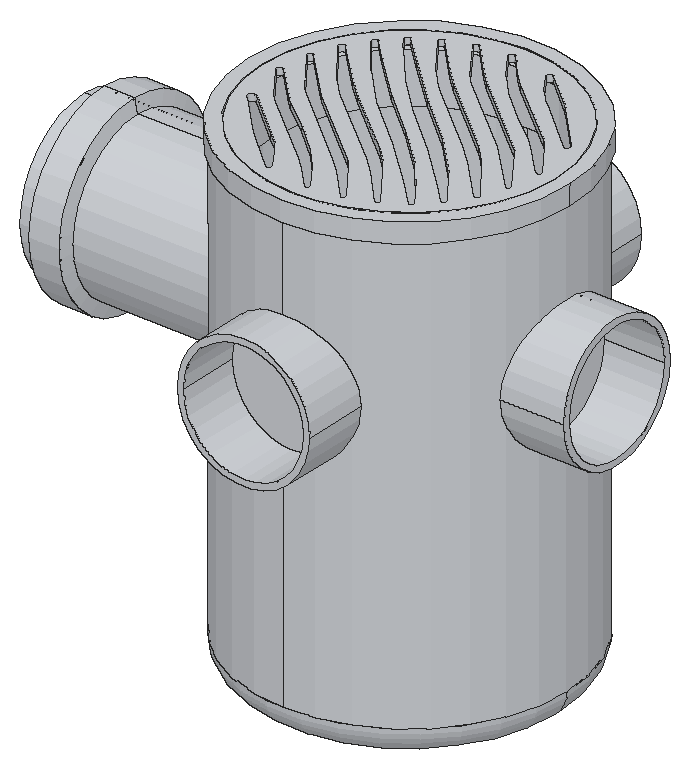
Revit family "Cx_Sifonada_100x150x50", category Plumbing Fixtures, host Face, Revit 2025 (continued)
Automatic sketch dimensions
  Extrusion 11 sketch curve to Extrusion 11 sketch curve = 5.071 mm  (x2)
  Extrusion 11 sketch curve to Extrusion 11 sketch curve = 7.498 mm  (x2)
  Extrusion 11 sketch curve to Extrusion 11 sketch curve = 2.231 mm
  Extrusion 11 sketch curve to Extrusion 11 sketch curve = 2.515 mm  (x2)
  Extrusion 11 sketch curve to Extrusion 11 sketch curve = 0.565 mm  (x2)
  Extrusion 11 sketch curve to Extrusion 11 sketch curve = 5.226 mm  (x2)
  Extrusion 11 sketch curve to Extrusion 11 sketch curve = 2.545 mm  (x2)
  Extrusion 11 sketch curve to Extrusion 11 sketch curve = 1.21 mm  (x2)
  Extrusion 11 sketch curve to plane 1 "Center (Front/Back)" = 7.515 mm
  Extrusion 11 sketch curve to Extrusion 11 sketch curve = 1.934 mm  (x2)
  Extrusion 11 sketch curve to Extrusion 11 sketch curve = 3.641 mm  (x2)
  Extrusion 11 sketch curve to plane 1 "Center (Front/Back)" = 4.594 mm
  Extrusion 11 sketch curve to plane 3 "Center (Left/Right)" = 2.394 mm
  Extrusion 11 sketch curve to plane 1 "Center (Front/Back)" = 4.455 mm
  Extrusion 11 sketch curve to Extrusion 11 sketch curve = 1.893 mm  (x2)
  Extrusion 11 sketch curve to plane 1 "Center (Front/Back)" = 3.468 mm
  Extrusion 11 sketch curve to plane 1 "Center (Front/Back)" = 3.154 mm
  Extrusion 11 sketch curve to plane 1 "Center (Front/Back)" = 2.444 mm
  Extrusion 11 sketch curve to plane 1 "Center (Front/Back)" = 2.421 mm
  Extrusion 11 sketch curve to plane 1 "Center (Front/Back)" = 1.747 mm
  Extrusion 11 sketch curve to plane 1 "Center (Front/Back)" = 1.745 mm
  Extrusion 11 sketch curve to plane 1 "Center (Front/Back)" = 0.953 mm
  Extrusion 11 sketch curve to plane 1 "Center (Front/Back)" = 0.562 mm
  Extrusion 11 sketch curve to plane 1 "Center (Front/Back)" = 0.375 mm
  Extrusion 11 sketch curve to plane 1 "Center (Front/Back)" = 0.24 mm
  plane 1 "Center (Front/Back)" to Extrusion 11 sketch curve = 0.24 mm
  plane 1 "Center (Front/Back)" to Extrusion 11 sketch curve = 0.375 mm
  plane 1 "Center (Front/Back)" to Extrusion 11 sketch curve = 0.562 mm
  plane 1 "Center (Front/Back)" to Extrusion 11 sketch curve = 0.953 mm
  plane 1 "Center (Front/Back)" to Extrusion 11 sketch curve = 1.745 mm
  plane 1 "Center (Front/Back)" to Extrusion 11 sketch curve = 1.747 mm
  Extrusion 11 sketch curve to Extrusion 11 sketch curve = 1.859 mm
  plane 1 "Center (Front/Back)" to Extrusion 11 sketch curve = 2.444 mm
  plane 1 "Center (Front/Back)" to Extrusion 11 sketch curve = 3.154 mm
  Extrusion 11 sketch curve to Extrusion 11 sketch curve = 1.723 mm
  plane 1 "Center (Front/Back)" to Extrusion 11 sketch curve = 3.601 mm
  plane 1 "Center (Front/Back)" to Extrusion 11 sketch curve = 4.455 mm
  plane 1 "Center (Front/Back)" to Extrusion 11 sketch curve = 4.594 mm
  plane 1 "Center (Front/Back)" to Extrusion 11 sketch curve = 5.581 mm
  Extrusion 11 sketch curve to Extrusion 11 sketch curve = 6.146 mm
  Extrusion 11 sketch curve to Extrusion 11 sketch curve = 9.597 mm
  Extrusion 11 sketch curve to Extrusion 11 sketch curve = 2.261 mm  (x2)
  plane 3 "Center (Left/Right)" to Extrusion 11 sketch curve = 3.453 mm
  Extrusion 11 sketch curve to Extrusion 11 sketch curve = 7.401 mm
  Extrusion 11 sketch curve to Extrusion 11 sketch curve = 2.972 mm
  Extrusion 11 sketch curve to Extrusion 11 sketch curve = 7.628 mm
  Extrusion 11 sketch curve to Extrusion 11 sketch curve = 7.456 mm
  Extrusion 11 sketch curve to Extrusion 11 sketch curve = 3.032 mm
  plane 3 "Center (Left/Right)" to Extrusion 11 sketch curve = 0.007 mm
  Extrusion 11 sketch curve to Extrusion 11 sketch curve = 0.488 mm
  Extrusion 11 sketch curve to plane 3 "Center (Left/Right)" = 3.101 mm
  Extrusion 11 sketch curve to Extrusion 11 sketch curve = 2.756 mm
  Extrusion 11 sketch curve to Extrusion 11 sketch curve = 0.836 mm
  plane 3 "Center (Left/Right)" to Extrusion 11 sketch curve = 2.701 mm
  Extrusion 11 sketch curve to Extrusion 11 sketch curve = 1.593 mm
  plane 3 "Center (Left/Right)" to Extrusion 11 sketch curve = 1.35 mm
  Extrusion 11 sketch curve to plane 3 "Center (Left/Right)" = 17.095 mm
  Extrusion 11 sketch curve to Extrusion 11 sketch curve = 1.431 mm
  plane 3 "Center (Left/Right)" to Extrusion 11 sketch curve = 19.405 mm
  plane 3 "Center (Left/Right)" to Extrusion 11 sketch curve = 12.072 mm
  plane 3 "Center (Left/Right)" to Extrusion 11 sketch curve = 10.653 mm
  plane 3 "Center (Left/Right)" to Extrusion 11 sketch curve = 1.499 mm
  plane 3 "Center (Left/Right)" to Extrusion 11 sketch curve = 0.716 mm
  plane 3 "Center (Left/Right)" to Extrusion 11 sketch curve = 0.012 mm
  Extrusion 11 sketch curve to Extrusion 11 sketch curve = 18.882 mm
  Extrusion 11 sketch curve to Extrusion 11 sketch curve = 1.974 mm
  Extrusion 11 sketch curve to Extrusion 11 sketch curve = 1.743 mm
  Extrusion 11 sketch curve to Extrusion 11 sketch curve = 53.478 mm
  Extrusion 11 sketch curve to Extrusion 11 sketch curve = 127.934 mm
  Extrusion 11 sketch curve to Extrusion 11 sketch curve = 82.855 mm
  Extrusion 11 sketch curve to Extrusion 11 sketch curve = 34.462 mm
  Extrusion 11 sketch curve to Extrusion 11 sketch curve = 0.268 mm
  Extrusion 11 sketch curve to Extrusion 11 sketch curve = 35.178 mm
  Extrusion 11 sketch curve to Extrusion 11 sketch curve = 0.325 mm
  Extrusion 11 sketch curve to Extrusion 11 sketch curve = 23.673 mm
  Extrusion 11 sketch curve to Extrusion 11 sketch curve = 0.823 mm
  Extrusion 11 sketch curve to Extrusion 11 sketch curve = 0.012 mm  (x2)
  Extrusion 11 sketch curve to Extrusion 11 sketch curve = 0.756 mm
  Extrusion 11 sketch curve to Extrusion 11 sketch curve = 3.003 mm
  Extrusion 11 sketch curve to Extrusion 11 sketch curve = 4.827 mm
  Extrusion 11 sketch curve to Extrusion 11 sketch curve = 1.906 mm  (x2)
  Extrusion 11 sketch curve to Extrusion 11 sketch curve = 0.843 mm
  Extrusion 11 sketch curve to Extrusion 11 sketch curve = 1.424 mm
  Extrusion 11 sketch curve to Extrusion 11 sketch curve = 3.414 mm
  Extrusion 11 sketch curve to Extrusion 11 sketch curve = 3.509 mm  (x2)
  Extrusion 11 sketch curve to Extrusion 11 sketch curve = 2.376 mm
  Extrusion 11 sketch curve to Extrusion 11 sketch curve = 0.783 mm
  Extrusion 11 sketch curve to Extrusion 11 sketch curve = 2.211 mm
  Extrusion 11 sketch curve to Extrusion 11 sketch curve = 3.072 mm
  Extrusion 11 sketch curve to Extrusion 11 sketch curve = 0.838 mm
  Extrusion 11 sketch curve to Extrusion 11 sketch curve = 9.255 mm
  Extrusion 11 sketch curve to Extrusion 11 sketch curve = 1.789 mm
  Extrusion 11 sketch curve to Extrusion 11 sketch curve = 2.826 mm
  Extrusion 11 sketch curve to Extrusion 11 sketch curve = 5.511 mm
  Extrusion 11 sketch curve to Extrusion 11 sketch curve = 5.579 mm
  Extrusion 11 sketch curve to Extrusion 11 sketch curve = 4.311 mm  (x2)
  Extrusion 11 sketch curve to Extrusion 11 sketch curve = 4.189 mm
  Extrusion 11 sketch curve to Extrusion 11 sketch curve = 3.575 mm
  Extrusion 11 sketch curve to Extrusion 11 sketch curve = 0.766 mm
  Extrusion 11 sketch curve to Extrusion 11 sketch curve = 5.526 mm
  Extrusion 11 sketch curve to Extrusion 11 sketch curve = 1.848 mm
  Extrusion 11 sketch curve to Extrusion 11 sketch curve = 1.872 mm  (x2)
  Extrusion 11 sketch curve to Extrusion 11 sketch curve = 2.523 mm
  Extrusion 11 sketch curve to Extrusion 11 sketch curve = 2.048 mm
  Extrusion 11 sketch curve to Extrusion 11 sketch curve = 3.624 mm
  Extrusion 11 sketch curve to Extrusion 11 sketch curve = 1.291 mm  (x2)
  Extrusion 11 sketch curve to Extrusion 11 sketch curve = 6.114 mm
  Extrusion 11 sketch curve to Extrusion 11 sketch curve = 0.705 mm
  Extrusion 11 sketch curve to Extrusion 11 sketch curve = 4.23 mm
  Extrusion 11 sketch curve to Extrusion 11 sketch curve = 7.599 mm
  Extrusion 11 sketch curve to Extrusion 11 sketch curve = 4.028 mm
  Extrusion 11 sketch curve to Extrusion 11 sketch curve = 0.682 mm
  Extrusion 11 sketch curve to Extrusion 11 sketch curve = 5.741 mm  (x2)
  Extrusion 11 sketch curve to Extrusion 11 sketch curve = 0.63 mm  (x2)
  Extrusion 11 sketch curve to Extrusion 11 sketch curve = 0.745 mm
  Extrusion 11 sketch curve to Extrusion 11 sketch curve = 2.732 mm
  Extrusion 11 sketch curve to Extrusion 11 sketch curve = 0.182 mm
  Extrusion 11 sketch curve to plane 3 "Center (Left/Right)" = 5.67 mm
  Extrusion 11 sketch curve to Extrusion 11 sketch curve = 0.539 mm
  Extrusion 11 sketch curve to plane 3 "Center (Left/Right)" = 3.516 mm
  Extrusion 11 sketch curve to plane 3 "Center (Left/Right)" = 1.499 mm
  plane 3 "Center (Left/Right)" to Extrusion 11 sketch curve = 2.394 mm
  plane 3 "Center (Left/Right)" to Extrusion 11 sketch curve = 3.025 mm
  plane 3 "Center (Left/Right)" to Extrusion 11 sketch curve = 3.516 mm
  Extrusion 11 sketch curve to Extrusion 11 sketch curve = 7.211 mm
  Extrusion 11 sketch curve to Extrusion 11 sketch curve = 1.885 mm
  Extrusion 11 sketch curve to Extrusion 11 sketch curve = 2.495 mm
  Extrusion 11 sketch curve to Extrusion 11 sketch curve = 0.384 mm
  Extrusion 11 sketch curve to Extrusion 11 sketch curve = 0.851 mm
  Extrusion 11 sketch curve to Extrusion 11 sketch curve = 0.644 mm
  Extrusion 11 sketch curve to Extrusion 11 sketch curve = 3.877 mm
  Extrusion 11 sketch curve to Extrusion 11 sketch curve = 0.353 mm
  Extrusion 11 sketch curve to Extrusion 11 sketch curve = 2.341 mm
  Extrusion 11 sketch curve to Extrusion 11 sketch curve = 1.081 mm
  Extrusion 11 sketch curve to Extrusion 11 sketch curve = 3.779 mm
  Extrusion 11 sketch curve to Extrusion 11 sketch curve = 2.13 mm
  Extrusion 11 sketch curve to Extrusion 11 sketch curve = 0.715 mm
  Extrusion 11 sketch curve to Extrusion 11 sketch curve = 3.522 mm
  Extrusion 11 sketch curve to Extrusion 11 sketch curve = 0.77 mm
  Extrusion 11 sketch curve to Extrusion 11 sketch curve = 0.679 mm
  Extrusion 11 sketch curve to Extrusion 11 sketch curve = 0.739 mm
  Extrusion 11 sketch curve to Extrusion 11 sketch curve = 18.94 mm
  Extrusion 12 sketch curve to plane 1 "Center (Front/Back)" = 50.00 mm
  Extrusion 12 sketch curve to Extrusion 12 sketch curve = 2.50 mm  (x4)
  plane 1 "Center (Front/Back)" to Extrusion 12 sketch curve = 47.50 mm
  Extrusion 12 sketch curve to plane 3 "Center (Left/Right)" = 50.00 mm
  plane 3 "Center (Left/Right)" to Extrusion 12 sketch curve = 47.50 mm
  plane 1 "Center (Front/Back)" to Extrusion 13 sketch curve = 0.00 mm
  Extrusion 13 sketch curve to plane 3 "Center (Left/Right)" = 0.00 mm
  Extrusion 13 sketch curve to plane 1 "Center (Front/Back)" = 47.50 mm
  plane 1 "Center (Front/Back)" to Extrusion 13 sketch curve = 47.50 mm
  Extrusion 13 sketch curve to plane 3 "Center (Left/Right)" = 47.50 mm
  plane 3 "Center (Left/Right)" to Extrusion 13 sketch curve = 47.50 mm
  Sweep 14 sketch curve to Sweep 14 sketch curve = 0.00 mm  (x2)
  plane 1 "Center (Front/Back)" to Sweep 14 sketch curve = 0.00 mm
  Sweep 14 sketch curve to profile plane = 0.00 mm
  Revolve 15 sketch curve to plane 3 "Center (Left/Right)" = 46.47 mm
  Revolve 15 sketch curve to Revolve 15 sketch curve = 1.278 mm
  Revolve 15 sketch curve to Revolve 15 sketch curve = 1.002 mm
  Revolve 15 sketch curve to plane 5 = 0.734 mm
  Revolve 15 sketch curve to plane 9 = 1.734 mm
  Sweep 16 sketch curve to Sweep 16 sketch curve = 0.00 mm  (x2)
  plane 1 "Center (Front/Back)" to Sweep 16 sketch curve = 0.00 mm
  Sweep 16 sketch curve to profile plane = 0.00 mm
  plane 1 "Center (Front/Back)" to Sweep 17 sketch curve = 0.00 mm
  plane 3 "Center (Left/Right)" to Sweep 17 sketch curve = 48.75 mm
  Sweep 17 sketch curve to Sweep 17 sketch curve = 20.15 mm
  plane 6 to Sweep 17 sketch curve = 0.00 mm
  Sweep 17 sketch curve to profile plane = 0.00 mm
  Sweep 18 sketch curve to plane 3 "Center (Left/Right)" = 0.00 mm
  Sweep 18 sketch curve to plane 1 "Center (Front/Back)" = 48.75 mm
  Sweep 18 sketch curve to Sweep 18 sketch curve = 20.15 mm
  Sweep 18 sketch curve to plane 6 = 0.00 mm
  profile plane to Sweep 18 sketch curve = 0.00 mm
  Sweep 19 sketch curve to plane 3 "Center (Left/Right)" = 0.00 mm
  plane 1 "Center (Front/Back)" to Sweep 19 sketch curve = 48.75 mm
  Sweep 19 sketch curve to Sweep 19 sketch curve = 20.15 mm
  Sweep 19 sketch curve to plane 6 = 0.00 mm
  Sweep 19 sketch curve to profile plane = 0.00 mm
  plane 1 "Center (Front/Back)" to Sweep 20 sketch curve = 0.00 mm
  Sweep 20 sketch curve to plane 3 "Center (Left/Right)" = 107.80 mm
  Sweep 20 sketch curve to Sweep 20 sketch curve = 42.419 mm
  plane 6 to Sweep 20 sketch curve = 0.00 mm
  Sweep 20 sketch curve to profile plane = 0.00 mm
  radius of Extrusion 10 sketch curve = 48.60 mm
  radius of Extrusion 13 sketch curve = 46.47 mm
  radius of Sweep 14 sketch curve = 53.50 mm
  radius of Sweep 14 sketch curve = 48.75 mm
  radius of Sweep 16 sketch curve = 46.47 mm
  radius of Sweep 16 sketch curve = 47.748 mm
Nested families
  nested 1: "Prolongamento para Caixa Sifonada - Caixas e Ralos - Esgoto - MEP - Tigre" at (0, 0, -6.5), Comprimento do Tubo <- "Comprimento do Tubo", visible <- "Prolongador", Acabamento <- "Plolongador.", Tigre: Comentários <- "Tigre: Comentários", Tigre: Marcador <- "Tigre: Marcador", type "100 x 100 mm"
    with Tigre: Marcador "00", Tigre: Código com Separador "27.30.748.5", Tigre: Código 27307485, Tigre: Comentários "", Comprimento do Tubo 1.00 mm, Acabamento none
Connectors
  piping at (-65.381, 0, -56.5), diameter 50, driven by "Raio Nominal 1"
    settings: on cut or joined group of Sweep 1, Revolve 2, Sweep 3, Sweep 4, Sweep 5, SweptBlend 6, Sweep 7, SweptBlend 8, Sweep 9, Sweep 17, Sweep 18, Sweep 19, Sweep 20, index 1, connector inside diameter 50.00 mm, connector length 0.00 mm, flow factor 0, pipe flow 0 GPM, pressure drop 0.00 psi, fitting loss kfactor 0, connector angle 0.00°, fixture units 0, engagement length 0.00 mm, angle of deflection 0.00°, flow configuration 0, flow direction 2, fitting loss method 0, system type 16, joint type 0, gender type 0, connector reference index 2, connector utility 1, adjustable connector yes, is connector primary yes, connector description ""
  piping at (48.75, 0, -56.5), diameter 40, driven by "Raio Nominal 2"
    settings: on cut or joined group of Sweep 1, Revolve 2, Sweep 3, Sweep 4, Sweep 5, SweptBlend 6, Sweep 7, SweptBlend 8, Sweep 9, Sweep 17, Sweep 18, Sweep 19, Sweep 20, index 2, connector inside diameter 40.00 mm, connector length 0.00 mm, flow factor 0, pipe flow 0 GPM, pressure drop 0.00 psi, fitting loss kfactor 0, connector angle 0.00°, fixture units 0, engagement length 0.00 mm, angle of deflection 0.00°, flow configuration 0, flow direction 1, fitting loss method 0, system type 16, joint type 0, gender type 0, connector reference index 1, connector utility 1, adjustable connector yes, is connector primary no, connector description ""
  piping at (0, -48.75, -56.5), diameter 40, driven by "Raio Nominal 2"
    settings: on cut or joined group of Sweep 1, Revolve 2, Sweep 3, Sweep 4, Sweep 5, SweptBlend 6, Sweep 7, SweptBlend 8, Sweep 9, Sweep 17, Sweep 18, Sweep 19, Sweep 20, index 3, connector inside diameter 40.00 mm, connector length 0.00 mm, flow factor 0, pipe flow 0 GPM, pressure drop 0.00 psi, fitting loss kfactor 0, connector angle 0.00°, fixture units 0, engagement length 0.00 mm, angle of deflection 0.00°, flow configuration 0, flow direction 1, fitting loss method 0, system type 16, joint type 0, gender type 0, connector reference index 4, connector utility 1, adjustable connector yes, is connector primary no, connector description ""
  piping at (0, 48.75, -56.5), diameter 40, driven by "Raio Nominal 2"
    settings: on cut or joined group of Sweep 1, Revolve 2, Sweep 3, Sweep 4, Sweep 5, SweptBlend 6, Sweep 7, SweptBlend 8, Sweep 9, Sweep 17, Sweep 18, Sweep 19, Sweep 20, index 4, connector inside diameter 40.00 mm, connector length 0.00 mm, flow factor 0, pipe flow 0 GPM, pressure drop 0.00 psi, fitting loss kfactor 0, connector angle 0.00°, fixture units 0, engagement length 0.00 mm, angle of deflection 0.00°, flow configuration 0, flow direction 1, fitting loss method 0, system type 16, joint type 0, gender type 0, connector reference index 3, connector utility 1, adjustable connector yes, is connector primary no, connector description ""
Definition of nested family "Prolongamento para Caixa Sifonada - Caixas e Ralos - Esgoto - MEP - Tigre"
  Parameters
    Unifilar = Diâmetro Nominal * 0.4  # 40.00 mm
    URL = "http://www.tigre.com.br"
    Type Comments = ""
    Tigre: Sistema = "Esgoto"  # constant formula
    Tigre: Norma = ""
    Tigre: Material = "PVC Branco"  # constant formula
    Tigre: Marcador [instance] = "00"
    Tigre: Link do Produto = "http://www.tigre.com.br/pt/produtos_unico.php?rcr_id=4&cpr_id=10&cpr_id_pai=4&lnh_id=11&prd_id=150"
    Tigre: Linha = "Caixas e Ralos"  # constant formula
    Tigre: Fabricante = "© Tigre S/A"  # constant formula
    Tigre: Descrição = "Prolongamento p/ Caixa Sifonada 100 x 100mm, Esgoto - TIGRE"
    Tigre: Código com Separador [instance] = "27.30.748.5"
    Tigre: Código [instance] = 27307485
    Tigre: Comentários [instance] = ""
    Raio Nominal = 50.00 mm
    Raio Externo = 48.40 mm
    Raio Interno = 0.98 * Raio Externo  # 47.432 mm
    Model = ""
    Manufacturer = Tigre: Fabricante  # "© Tigre S/A"
    Diâmetro Nominal = Raio Nominal * 2  # 100.00 mm
    Description = Tigre: Descrição  # "Prolongamento p/ Caixa Sifonada 100 x 100mm, Esgoto - TIGRE"
    Default Elevation = 0.00 mm
    Comprimento do Tubo [instance] = 100.00 mm
    Acabamento [instance] = none
  Reference planes
    plane 1 "Center (Front/Back)": y = 0
    plane 2: z = 0
    plane 3 "Center (Left/Right)": x = 0
    plane 4: z = -100
    plane 5: z = 0
  Forms (mm)
    Sweep 1, solid, material <- "Acabamento", detail levels fine
      path origin (0, 0, 0) x (0, 0, -1) y (0, 1, 0)
        loop
          line (0, 0) -> (100, 0)
      profile origin (0, 0, -50) x (1, 0, 0) y (0, 1, 0)
        loop
          circle (0, 0) r 47.432
        loop
          circle (0, 0) r 48.4
  Dimensions and locks
    "Comprimento do Tubo": plane 5 to plane 4
    "Raio Externo": radius of Sweep 1 sketch curve
    "Raio Interno": radius of Sweep 1 sketch curve
    aligned and locked: plane 1 "Center (Front/Back)" to Sweep 1 sketch curve
    aligned and locked: level to Sweep 1 sketch curve
    aligned and locked: plane 4 to Sweep 1 sketch curve
  Automatic sketch dimensions
    Sweep 1 sketch curve to Sweep 1 sketch curve = 0.00 mm  (x2)
    Sweep 1 sketch curve to profile plane = 0.00 mm  (x2)
Types (4, lengths in mm): name | Tigre: Link do Produto | Tigre: Descrição | Tigre: Código com Separador | Tigre: Código | Porta Grelha Redonda | Porta Grelha Quadrada | Grelha Redonda | Grelha Quadrada | Description
  (no name) | "http://www.tigre.com.br/pt/produtos_unico.php?rcr_id=4&cpr_id=10&cpr_id_pai=4&lnh_id=11&prd_id=126" | "Caixa Sifonada Montada c/ Grelha e Porta Grelha, redondos brancos 100 x 150 x 50mm, Esgoto - TIGRE" | "27.03.951.0" | 27039510 | yes | no | yes | no | "Caixa Sifonada Montada c/ Grelha e Porta Grelha, redondos brancos 100 x 150 x 50mm, Esgoto - TIGRE"
  Grelha e porta grelha quadrados brancos - DN 100 x 150 x 50 | "http://www.tigre.com.br/pt/produtos_unico.php?rcr_id=4&cpr_id=10&cpr_id_pai=4&lnh_id=11&prd_id=126" | "Caixa Sifonada Montada c/ Grelha e Porta Grelha, quadrados brancos 100 x 150 x 50mm, Esgoto - TIGRE" | "27.03.949.9" | 27039499 | no | yes | no | yes | "Caixa Sifonada Montada c/ Grelha e Porta Grelha, quadrados brancos 100 x 150 x 50mm, Esgoto - TIGRE"
  Grelha e porta grelha redondos brancos - DN 100 x 150 x 50 | "http://www.tigre.com.br/pt/produtos_unico.php?rcr_id=4&cpr_id=10&cpr_id_pai=4&lnh_id=11&prd_id=126" | "Caixa Sifonada Montada c/ Grelha e Porta Grelha, redondos brancos 100 x 150 x 50mm, Esgoto - TIGRE" | "27.03.951.0" | 27039510 | yes | no | yes | no | "Caixa Sifonada Montada c/ Grelha e Porta Grelha, redondos brancos 100 x 150 x 50mm, Esgoto - TIGRE"
  Corpo - DN 100 x 150 x 50 | "http://www.tigre.com.br/pt/produtos_unico.php?rcr_id=4&cpr_id=10&cpr_id_pai=4&lnh_id=11&prd_id=131" | "Corpo Caixa Sifonada 100 x 150 x 50mm, Esgoto - TIGRE" | "27.15.021.7" | 27150217 | no | no | no | no | "Corpo Caixa Sifonada 100 x 150 x 50mm, Esgoto - TIGRE"
